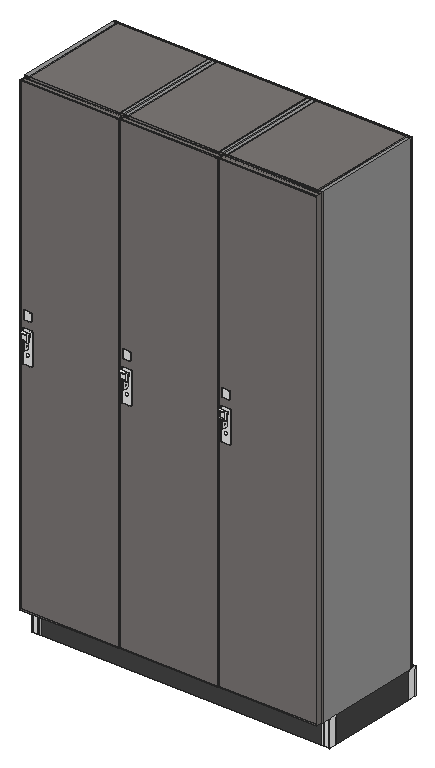
Revit family "Wood_Lockers_Hasps-Salsbury_Industries-15_41000_Series-3_Wide_Units.rfa", category Specialty Equipment, Revit 2016 (continued)
Definition of nested family "Premier Locker Doors_Hasp"
  Forms (in)
    Extrusion 6, solid, visible <- "Visible Number Plates", detail levels medium+fine
      sketch origin (-1.875, -0.375, 0) x (1, 0, 0) y (0, 0, 1)
        loop
          arc (-4.91334, 40.75) -> (-5.01881, 40.70631) -> (-5.0625, 40.60084) r 0.14916
          line (-5.0625, 40.60084) -> (-5.0625, 39.64916)
          arc (-5.0625, 39.64916) -> (-5.01881, 39.54369) -> (-4.91334, 39.5) r 0.14916
          line (-4.91334, 39.5) -> (-3.96166, 39.5)
          arc (-3.96166, 39.5) -> (-3.85619, 39.54369) -> (-3.8125, 39.64916) r 0.14916
          line (-3.8125, 39.64916) -> (-3.8125, 40.60084)
          arc (-3.8125, 40.60084) -> (-3.85619, 40.70631) -> (-3.96166, 40.75) r 0.14916
          line (-3.96166, 40.75) -> (-4.91334, 40.75)
      from -0.062 to 0
    Extrusion 7, solid, detail levels medium+fine
      sketch origin (0, 0.375, 0) x (1, 0, 0) y (0, 0, 1)
        loop
          circle (-6.9875, 71.3) r 0.25
      from 0 to -0.25
    Extrusion 8, solid, detail levels medium+fine
      sketch origin (0, 0.375, 0) x (1, 0, 0) y (0, 0, 1)
        loop
          line (6.8125, 68.5) -> (6.8125, 69) -> (6.3125, 69) -> (6.3125, 68.5) -> (6.8125, 68.5)
      from 0 to -0.25
    Extrusion 9, solid, detail levels medium+fine
      sketch origin (0, 0.375, -0.25) x (1, 0, 0) y (0, 0, 1)
        loop
          line (6.8125, 3) -> (6.8125, 3.5) -> (6.3125, 3.5) -> (6.3125, 3) -> (6.8125, 3)
      from 0 to -0.25
    Extrusion 10, solid, visible <- "Visible Center Hinge", detail levels medium+fine
      sketch origin (0, 0.375, -0.25) x (1, 0, 0) y (0, 0, 1)
        loop
          line (6.8125, 35.875) -> (6.8125, 36.375) -> (6.3125, 36.375) -> (6.3125, 35.875) -> (6.8125, 35.875)
      from 0 to -0.25
    Extrusion 11, void
      sketch origin (-1.875, -0.375, 0) x (1, 0, 0) y (0, 0, 1)
        loop
          arc (-5.0625, 38.3125) -> (-5.15089, 38.27589) -> (-5.1875, 38.1875) r 0.125
          line (-5.1875, 38.1875) -> (-5.1875, 33.5625)
          arc (-5.1875, 33.5625) -> (-5.15089, 33.47411) -> (-5.0625, 33.4375) r 0.125
          line (-5.0625, 33.4375) -> (-3.8125, 33.4375)
          arc (-3.8125, 33.4375) -> (-3.72411, 33.47411) -> (-3.6875, 33.5625) r 0.125
          line (-3.6875, 33.5625) -> (-3.6875, 38.1875)
          arc (-3.6875, 38.1875) -> (-3.72411, 38.27589) -> (-3.8125, 38.3125) r 0.125
          line (-3.8125, 38.3125) -> (-5.0625, 38.3125)
      from -0.062 to 0
    Extrusion 12, solid
      sketch origin (-1.875, -0.375, 0) x (1, 0, 0) y (0, 0, 1)
        loop
          line (-3.8125, 38.3125) -> (-5.0625, 38.3125)
          arc (-5.0625, 38.3125) -> (-5.15089, 38.27589) -> (-5.1875, 38.1875) r 0.125
          line (-5.1875, 38.1875) -> (-5.1875, 33.5625)
          arc (-5.1875, 33.5625) -> (-5.15089, 33.47411) -> (-5.0625, 33.4375) r 0.125
          line (-5.0625, 33.4375) -> (-3.8125, 33.4375)
          arc (-3.8125, 33.4375) -> (-3.72411, 33.47411) -> (-3.6875, 33.5625) r 0.125
          line (-3.6875, 33.5625) -> (-3.6875, 38.1875)
          arc (-3.6875, 38.1875) -> (-3.72411, 38.27589) -> (-3.8125, 38.3125) r 0.125
      from 0 to -0.062
    Extrusion 13, void
      sketch origin (-1.875, -0.375, 0) x (1, 0, 0) y (0, 0, 1)
        loop
          line (-4.6255, 36.6245) -> (-4.6255, 35.74816)
          arc (-4.6255, 35.74816) -> (-4.4375, 35.56016) -> (-4.2495, 35.74816) r 0.188
          line (-4.2495, 35.74816) -> (-4.2495, 36.6245)
          arc (-4.2495, 36.6245) -> (-4.4375, 36.8125) -> (-4.6255, 36.6245) r 0.188
      from 0 to -0.75
    Sweep 14, solid, detail levels medium+fine
      path origin (-1.875, -0.375, 0) x (1, 0, 0) y (0, 0, 1)
        loop
          circle (-4.4375, 34.8125) r 0.01
      profile origin (-6.3125, -0.375, 34.8225) x (0, 0, -1) y (0, -1, 0)
        loop
          line (0, 0) -> (0, 0.125)
          arc (0, 0.125) -> (-0.10032, 0.09036) -> (-0.156, 0) r 0.15776
          line (-0.156, 0) -> (0, 0)
    Extrusion 15, solid, detail levels medium+fine
      sketch origin (-1.875, -0.375, 0) x (1, 0, 0) y (0, 0, 1)
        loop
          circle (-4.4375, 34.8125) r 0.01
      from 0 to 0.125
    Sweep 16, solid
      path origin (-1.875, -0.375, 0) x (1, 0, 0) y (0, 0, 1)
        loop
          line (-5.0625, 38.1875) -> (-5.0625, 36.9375) -> (-3.8125, 36.9375) -> (-3.8125, 38.1875) -> (-5.0625, 38.1875)
      profile origin (-6.3125, -0.375, 38.1875) x (0, 0, 1) y (0, -1, 0)
        loop
          line (-0.38067, 0) -> (-0.38067, 0.24142)
          arc (-0.38067, 0.24142) -> (-0.34525, 0.34191) -> (-0.25465, 0.39797) r 0.16024
          arc (-0.25465, 0.39797) -> (-0.10494, 0.46941) -> (0, 0.59789) r 0.37946
          spline (0, 0.59789) -> (-0.00179, 0.61485) -> (-0.00715, 0.6316) -> (-0.01601, 0.64793) -> (-0.02825, 0.66364) -> (-0.04373, 0.67852) -> (-0.06225, 0.6924) -> (-0.08358, 0.7051) -> (-0.10745, 0.71647) -> (-0.13357, 0.72635) -> (-0.16161, 0.73463) -> (-0.19123, 0.74121) -> (-0.22204, 0.746)
          arc (-0.22204, 0.746) -> (-0.31051, 0.60028) -> (-0.42829, 0.47704) r 0.78682
          arc (-0.42829, 0.47704) -> (-0.50625, 0.37521) -> (-0.53396, 0.25) r 0.29673
          line (-0.53396, 0.25) -> (-0.53396, 0) -> (-0.38067, 0)
    Blend 17, solid
      base sketch origin (-1.875, -1.125, 0) x (0, 0, -1) y (-1, 0, 0)
        loop
          line (-37.96546, 4.84046) -> (-37.96546, 4.03454) -> (-37.15954, 4.03454) -> (-37.15954, 4.84046) -> (-37.96546, 4.84046)
      top sketch origin (-1.875, -1.125, 0) x (0, 0, -1) y (-1, 0, 0)
        loop
          line (-37.93279, 4.80777) -> (-37.93279, 4.06715) -> (-37.19211, 4.06715) -> (-37.19211, 4.80777) -> (-37.93279, 4.80777)
      from 0 to 0.031
    Extrusion 18, solid
      sketch origin (-6.3125, 0, 0) x (0, 0, -1) y (0, -1, 0)
        loop
          line (-35.6844, 1) -> (-36.6844, 1) -> (-36.6844, -0.375) -> (-35.6844, -0.375) -> (-35.6844, 1)
      from -0.063 to 0.063
    Extrusion 19, void
      sketch origin (-6.3125, 35.51803, 36.85077) x (0, 1, 0) y (0, 0, -1)
        loop
          circle (-36.1844, 0.66637) r 0.25
      from -0.063 to 0.063
  Cuts and joins
    Extrusion 5, Extrusion 13 cuts Extrusion 1
    Extrusion 5, Extrusion 11 cuts Extrusion 3
    Extrusion 13 cuts Extrusion 12
    Extrusion 13 cuts Extrusion 2
    Extrusion 19 cuts Extrusion 18
  Lines and regions (in)
    symbolic lines
      curve 1: line (-7.4375, 0.375, 0) -> (7.4375, 0.375, 0)
      curve 2: line (7.4375, 0.375, 0) -> (7.4375, 0.375, 71.75)
      curve 3: line (7.4375, 0.375, 71.75) -> (-7.4375, 0.375, 71.75)
      curve 4: line (-7.4375, 0.375, 71.75) -> (-7.4375, 0.375, 0)
      curve 5: line (-7.4375, 0.375, 71.625) -> (7.4375, 0.375, 71.625)
      curve 6: line (-7.4375, -0.375, 71.625) -> (-7.4375, 0.375, 71.625)
      curve 7: line (7.4375, -0.375, 71.625) -> (-7.4375, -0.375, 71.625)
      curve 8: line (7.4375, 0.375, 71.625) -> (7.4375, -0.375, 71.625)
      curve 9: line (6.8125, 0.375, 71.625) -> (6.8125, 0.625, 71.625)
      curve 10: line (6.8125, 0.625, 71.625) -> (6.3125, 0.625, 71.625)
      curve 11: line (6.3125, 0.625, 71.625) -> (6.3125, 0.375, 71.625)
      curve 12: line (-7.23713, 0.375, 71.625) -> (-7.23713, 0.625, 71.625)
      curve 13: line (-6.7375, 0.375, 71.625) -> (-6.7375, 0.625, 71.625)
      curve 14: line (-6.7375, 0.625, 71.625) -> (-7.23713, 0.625, 71.625)
      curve 15: line (-6.3125, -0.375, 71.75) -> (-6.3125, 0.375, 71.75)
      curve 16: line (-6.3125, -0.375, 0) -> (-6.3125, -0.375, 71.75)
      curve 17: line (-6.3125, 0.375, 0) -> (-6.3125, -0.375, 0)
      curve 18: line (-6.3125, 0.375, 71.75) -> (-6.3125, 0.375, 0)
      curve 19: line (-6.3125, 0.375, 69) -> (-6.3125, 0.625, 69)
      curve 20: line (-6.3125, 0.625, 69) -> (-6.3125, 0.625, 68.5)
      curve 21: line (-6.3125, 0.625, 68.5) -> (-6.3125, 0.375, 68.5)
      curve 22: line (-6.3125, 0.375, 3.25) -> (-6.3125, 0.625, 3.25)
      curve 23: line (-6.3125, 0.625, 3.25) -> (-6.3125, 0.625, 2.75)
      curve 24: line (-6.3125, 0.625, 2.75) -> (-6.3125, 0.375, 2.75)
      curve 25: line (-6.3125, 0.375, 36.125) -> (-6.3125, 0.625, 36.125)
      curve 26: line (-6.3125, 0.625, 36.125) -> (-6.3125, 0.625, 35.625)
      curve 27: line (-6.3125, 0.625, 35.625) -> (-6.3125, 0.375, 35.625)
      curve 28: line (-7.0625, -0.375, 71.625) -> (-5.5625, -0.375, 71.625)
      curve 29: line (-6.9375, -1.125, 38.3125) -> (-5.6875, -1.125, 38.3125)
      curve 30: arc (-5.5625, -1.125, 38.1875) -> (-5.59911, -1.125, 38.27589) -> (-5.6875, -1.125, 38.3125) r 0.125
      curve 31: arc (-6.9375, -1.125, 38.3125) -> (-7.02589, -1.125, 38.27589) -> (-7.0625, -1.125, 38.1875) r 0.125
      curve 32: line (-7.0625, -1.125, 33.5625) -> (-7.0625, -1.125, 38.1875)
      curve 33: line (-5.5625, -1.125, 38.1875) -> (-5.5625, -1.125, 33.5625)
      curve 34: arc (-5.6875, -1.125, 33.4375) -> (-5.59911, -1.125, 33.47411) -> (-5.5625, -1.125, 33.5625) r 0.125
      curve 35: arc (-7.0625, -1.125, 33.5625) -> (-7.02589, -1.125, 33.47411) -> (-6.9375, -1.125, 33.4375) r 0.125
      curve 36: line (-5.6875, -1.125, 33.4375) -> (-6.9375, -1.125, 33.4375)
      curve 37: arc (-6.1245, -1.125, 36.6245) -> (-6.3125, -1.125, 36.8125) -> (-6.5005, -1.125, 36.6245) r 0.188
      curve 38: arc (-6.5005, -1.125, 35.7505) -> (-6.3125, -1.125, 35.5625) -> (-6.1245, -1.125, 35.7505) r 0.188
      curve 39: line (-6.1245, -1.125, 36.6245) -> (-6.1245, -1.125, 35.7505)
      curve 40: line (-6.5005, -1.125, 35.7505) -> (-6.5005, -1.125, 36.6245)
      curve 41: line (-5.6875, -1.125, 36.9375) -> (-6.9375, -1.125, 36.9375)
      curve 42: line (-5.6875, -1.125, 38.1875) -> (-5.6875, -1.125, 36.9375)
      curve 43: line (-6.9375, -1.125, 36.9375) -> (-6.9375, -1.125, 38.1875)
      curve 44: line (-6.9375, -1.125, 38.1875) -> (-5.6875, -1.125, 38.1875)
      curve 45: line (-6.3755, -1.125, 36.6844) -> (-6.2495, -1.125, 36.6844)
      curve 46: line (-6.2495, -1.125, 36.6844) -> (-6.2495, -1.125, 35.6844)
      curve 47: line (-6.3755, -1.125, 35.6844) -> (-6.3755, -1.125, 36.6844)
      curve 48: line (-6.2495, -1.125, 35.6844) -> (-6.3755, -1.125, 35.6844)
      curve 49: line (-6.3125, -1, 36.6844) -> (-6.3125, -0.375, 36.6844)
      curve 50: line (-6.3125, -1, 35.6844) -> (-6.3125, -1, 36.6844)
      curve 51: line (-6.3125, -0.375, 35.6844) -> (-6.3125, -1, 35.6844)
      curve 52: arc (-6.3125, -0.91637, 36.1844) -> (-6.3125, -0.66637, 36.4344) -> (-6.3125, -0.41637, 36.1844) r 0.25
      curve 53: arc (-6.3125, -0.41637, 36.1844) -> (-6.3125, -0.66637, 35.9344) -> (-6.3125, -0.91637, 36.1844) r 0.25
      curve 54: line (-6.3125, -0.375, 37.31817) -> (-6.3125, -0.61642, 37.31817)
      curve 55: arc (-6.3125, -0.77297, 37.19215) -> (-6.3125, -0.71691, 37.28275) -> (-6.3125, -0.61642, 37.31817) r 0.16024
      curve 56: arc (-6.3125, -0.97289, 36.9375) -> (-6.3125, -0.84441, 37.04244) -> (-6.3125, -0.77297, 37.19215) r 0.37946
      curve 57: spline (-6.3125, -1.121, 37.15954) -> (-6.3125, -1.11621, 37.12873) -> (-6.3125, -1.10963, 37.09911) -> (-6.3125, -1.10135, 37.07107) -> (-6.3125, -1.09147, 37.04495) -> (-6.3125, -1.0801, 37.02108) -> (-6.3125, -1.0674, 36.99975) -> (-6.3125, -1.05352, 36.98123) -> (-6.3125, -1.03864, 36.96575) -> (-6.3125, -1.02293, 36.95351) -> (-6.3125, -1.0066, 36.94465) -> (-6.3125, -0.98985, 36.93929) -> (-6.3125, -0.97289, 36.9375)
      curve 58: line (-6.3125, -1.125, 37.15954) -> (-6.3125, -1.125, 37.96546)
      curve 59: spline (-6.3125, -1.121, 37.96546) -> (-6.3125, -1.11621, 37.99627) -> (-6.3125, -1.10963, 38.02589) -> (-6.3125, -1.10135, 38.05393) -> (-6.3125, -1.09147, 38.08005) -> (-6.3125, -1.0801, 38.10392) -> (-6.3125, -1.0674, 38.12525) -> (-6.3125, -1.05352, 38.14377) -> (-6.3125, -1.03864, 38.15925) -> (-6.3125, -1.02293, 38.17149) -> (-6.3125, -1.0066, 38.18035) -> (-6.3125, -0.98985, 38.18571) -> (-6.3125, -0.97289, 38.1875)
      curve 60: arc (-6.3125, -0.97289, 38.1875) -> (-6.3125, -0.84441, 38.08256) -> (-6.3125, -0.77297, 37.93285) r 0.37946
      curve 61: arc (-6.3125, -0.77297, 37.93285) -> (-6.3125, -0.71691, 37.84225) -> (-6.3125, -0.61642, 37.80683) r 0.16024
      curve 62: line (-6.3125, -0.61642, 37.80683) -> (-6.3125, -0.375, 37.80683)
      curve 63: line (-6.55683, -0.61642, 71.625) -> (-6.55683, -0.375, 71.625)
      curve 64: arc (-6.68285, -0.77297, 71.625) -> (-6.59225, -0.71691, 71.625) -> (-6.55683, -0.61642, 71.625) r 0.16024
      curve 65: arc (-6.9375, -0.97289, 71.625) -> (-6.83256, -0.84441, 71.625) -> (-6.68285, -0.77297, 71.625) r 0.37946
      curve 66: line (-5.90954, -1.125, 71.625) -> (-6.71546, -1.125, 71.625)
      curve 67: spline (-5.90954, -1.121, 71.625) -> (-5.87873, -1.11621, 71.625) -> (-5.84911, -1.10963, 71.625) -> (-5.82107, -1.10135, 71.625) -> (-5.79495, -1.09147, 71.625) -> (-5.77108, -1.0801, 71.625) -> (-5.74975, -1.0674, 71.625) -> (-5.73123, -1.05352, 71.625) -> (-5.71575, -1.03864, 71.625) -> (-5.70351, -1.02293, 71.625) -> (-5.69465, -1.0066, 71.625) -> (-5.68929, -0.98985, 71.625) -> (-5.6875, -0.97289, 71.625)
      curve 68: arc (-5.6875, -0.97289, 71.625) -> (-5.79244, -0.84441, 71.625) -> (-5.94215, -0.77297, 71.625) r 0.37946
      curve 69: arc (-5.94215, -0.77297, 71.625) -> (-6.03275, -0.71691, 71.625) -> (-6.06817, -0.61642, 71.625) r 0.16024
      curve 70: line (-6.06817, -0.375, 71.625) -> (-6.06817, -0.61642, 71.625)
      curve 71: spline (-6.71546, -1.121, 71.625) -> (-6.74627, -1.11621, 71.625) -> (-6.77589, -1.10963, 71.625) -> (-6.80393, -1.10135, 71.625) -> (-6.83005, -1.09147, 71.625) -> (-6.85392, -1.0801, 71.625) -> (-6.87525, -1.0674, 71.625) -> (-6.89377, -1.05352, 71.625) -> (-6.90925, -1.03864, 71.625) -> (-6.92149, -1.02293, 71.625) -> (-6.93035, -1.0066, 71.625) -> (-6.93571, -0.98985, 71.625) -> (-6.9375, -0.97289, 71.625)
    reference lines
      curve 72: line (-7.4375, 0, 71.75) -> (6.8435, 0, 71.75)
      curve 73: line (6.8435, 0, 71.75) -> (-7.4375, 0, 71.75)
  Dimensions and locks (in)
    equal spacing: plane 4 "Left Side of Door", plane 3 "Center (Left/Right)", plane 5 "Right Side of Door"
    "Width": plane 4 "Left Side of Door" to plane 5 "Right Side of Door"
    equal spacing: plane 7 "Front of Door", plane 1 "Center (Front/Back)", plane 6 "Back of Door"
    "Depth": plane 7 "Front of Door" to plane 6 "Back of Door"
    equal spacing: plane 9 "Top of Door", plane 10 "Center of Door", plane 8 "Bottom of Door"
    "Height": plane 9 "Top of Door" to plane 8 "Bottom of Door"
    equal spacing: plane 11 "Top of Number Tag", plane 16 "Center of Number Tag", plane 12 "Bottom of Number Tag"
    "Number Tag Height": plane 11 "Top of Number Tag" to plane 12 "Bottom of Number Tag"
    equal spacing: plane 14 "Right Side of Number Tag", plane 15 "Horizontal Center of Number Tag", plane 13 "Left Side of Number Tag"
    "Number Tag Width": plane 14 "Right Side of Number Tag" to plane 13 "Left Side of Number Tag"
    "Number Tag-Horizontal Offset": plane 15 "Horizontal Center of Number Tag" to plane 5 "Right Side of Door"
    "Number Tag-Vertical Offset": plane 9 "Top of Door" to plane 16 "Center of Number Tag"
    "Lock Horizontal Offset": plane 4 "Left Side of Door" to plane 17 "Left Side of Lock"
    equal spacing: plane 20 "Top of Lock", plane 19 "Lock Vertical Center", plane 21 "Bottom of Lock"
    "Lock Height": plane 20 "Top of Lock" to plane 21 "Bottom of Lock"
    "Lock Vertical Offset": plane 9 "Top of Door" to plane 19 "Lock Vertical Center"
    plane 22 "Front of Hasp Stud" to plane 7 "Front of Door" = 0.125"
    locked: plane 24 "Right Side of Door-Left Side of Trim" to plane 5 "Right Side of Door" at 0.125
    locked: plane 4 "Left Side of Door" to plane 23 "Left Side of Door-Right Side of Trim" at 0.125
    locked: plane 9 "Top of Door" to plane 25 "Top of Door-Bottom of Trim" at 0.125
    plane 26 "Bottom of Door-Top of Trim" to plane 8 "Bottom of Door" = 0.125"
    plane 28 "Melamine-Particleboard Line" to plane 6 "Back of Door" = 0.031"
    plane 7 "Front of Door" to plane 27 "Laminate-Particleboard Line" = 0.031"
    plane 27 "Laminate-Particleboard Line" to plane 29 "Back of Number Plate Inset" = 0.031"
    equal spacing: plane 18 "Right Side of Lock", plane 30 "Center of Lock", plane 17 "Left Side of Lock", locked at 0.75 each
    "Lock Width": plane 18 "Right Side of Lock" to plane 17 "Left Side of Lock"
    plane 22 "Front of Hasp Stud" to plane 31 = 0.312"
    plane 6 "Back of Door" to plane 32 "Door Stopper Plane" = 0.250"
    locked: plane 23 "Left Side of Door-Right Side of Trim" to plane 33 at 0.325
    locked: plane 25 "Top of Door-Bottom of Trim" to plane 34 at 0.325
    locked: plane 9 "Top of Door" to plane 35 "Top Hinge" at 3
    plane 36 to plane 5 "Right Side of Door" = 0.625"
    plane 6 "Back of Door" to plane 28 "Melamine-Particleboard Line" = 0.031"
    plane 9 "Top of Door" to plane 25 "Top of Door-Bottom of Trim" = 0.125"
    plane 7 "Front of Door" to plane 38 "Inner Knob" = 0.719"
    locked: plane 38 "Inner Knob" to plane 39 "Front of Knob" at 0.031
    locked: plane 40 to plane 20 "Top of Lock" at 1.125
    locked: plane 21 "Bottom of Lock" to plane 41 at 1.125
    locked: plane 20 "Top of Lock" to plane 42 at 0.125
    locked: plane 18 "Right Side of Lock" to plane 43 at 0.125
    locked: plane 44 to plane 17 "Left Side of Lock" at 0.125
    plane 42 to plane 45 = 1.250"
    locked: plane 45 to plane 46 "Top of Hole" at 0.125
    plane 48 to plane 30 "Center of Lock" to plane 47 = 0.188" locked, 0.188" locked
    locked: plane 46 "Top of Hole" to plane 49 "Bottom of Hole" at 1.25
    plane 49 "Bottom of Hole" to plane 50 "Stud Alignment" = 0.750"
    locked: plane 42 to plane 51 "Center of Handle" at 0.625
    plane 52 to plane 51 "Center of Handle" to plane 53 = 0.188" locked, 0.188" locked
    plane 7 "Front of Door" to plane 39 "Front of Knob" = 0.750"
    locked: plane 42 to plane 54 at 0.22204
    locked: plane 55 to plane 45 at 0.22204
    locked: plane 7 "Front of Door" to plane 56 "Front of Latch" at 0.625
    locked: plane 57 to plane 58 at 1
    locked: plane 46 "Top of Hole" to plane 57 at 0.1281
    equal spacing: plane 58, plane 59, plane 57
    locked: plane 60 to plane 5 "Right Side of Door" at 0.594
    locked: plane 57 to plane 61 at 0.0599
    locked: plane 62 to plane 58 at 0.06376
    plane 12 "Bottom of Number Tag" to plane 20 "Top of Lock" = 1.1875"
    aligned and locked: level to plane 2
    aligned and locked: Extrusion 5 to plane 11 "Top of Number Tag"
    aligned and locked: plane 12 "Bottom of Number Tag" to Extrusion 5
    aligned and locked: Extrusion 5 to plane 14 "Right Side of Number Tag"
    aligned and locked: Extrusion 5 to plane 13 "Left Side of Number Tag"
    aligned and locked: plane 29 "Back of Number Plate Inset" to Extrusion 5
    aligned and locked: plane 7 "Front of Door" to Extrusion 5
    aligned and locked: plane 29 "Back of Number Plate Inset" to Extrusion 6
    aligned and locked: plane 7 "Front of Door" to Extrusion 6
    aligned and locked: Extrusion 6 to plane 14 "Right Side of Number Tag"
    aligned and locked: Extrusion 6 to plane 13 "Left Side of Number Tag"
    aligned and locked: Extrusion 6 to plane 11 "Top of Number Tag"
    aligned and locked: plane 12 "Bottom of Number Tag" to Extrusion 6
    aligned and locked: curve 9 to Extrusion 8
    aligned and locked: curve 10 to Extrusion 8
    aligned and locked: curve 11 to Extrusion 8
    aligned and locked: Extrusion 7 to curve 12
    aligned and locked: curve 14 to Extrusion 7
    aligned and locked: curve 16 to plane 7 "Front of Door"
    aligned and locked: curve 19 to Extrusion 8  (x2)
    aligned and locked: curve 21 to Extrusion 8
    aligned and locked: curve 18 to curve 22
    aligned and locked: curve 22 to Extrusion 9  (x2)
    aligned and locked: curve 24 to Extrusion 9
    aligned and locked: curve 25 to Extrusion 10
    aligned and locked: curve 26 to Extrusion 10
    aligned and locked: curve 27 to Extrusion 10
    aligned and locked: plane 20 "Top of Lock" to Extrusion 11 sketch curve
    aligned and locked: Extrusion 11 sketch curve to plane 21 "Bottom of Lock"
    aligned and locked: Extrusion 11 to plane 29 "Back of Number Plate Inset"
    aligned and locked: plane 7 "Front of Door" to Extrusion 11
    aligned and locked: Extrusion 3 to Extrusion 11
    aligned and locked: Sweep 14 to plane 50 "Stud Alignment"  (x2)
    aligned and locked: Extrusion 15 to plane 7 "Front of Door"
    aligned and locked: Extrusion 15 to plane 22 "Front of Hasp Stud"
    aligned and locked: Extrusion 15 to plane 50 "Stud Alignment"
    aligned and locked: Blend 17 to plane 39 "Front of Knob"
    aligned and locked: plane 38 "Inner Knob" to Blend 17
    aligned and locked: plane 6 "Back of Door" to Extrusion 18 sketch curve
    aligned and locked: plane 56 "Front of Latch" to Extrusion 18 sketch curve
    aligned and locked: Extrusion 18 to plane 57
    aligned and locked: plane 58 to Extrusion 18
    aligned and locked: plane 59 to cut or joined group of Extrusion 18, Extrusion 19
    aligned and locked: Extrusion 13 sketch curve to plane 61  (x2)
    aligned and locked: Extrusion 13 sketch curve to plane 62  (x2)
  Automatic sketch dimensions
    Extrusion 1 sketch curve to plane 4 "Left Side of Door" = 0.031"
    plane 5 "Right Side of Door" to Extrusion 1 sketch curve = 0.031"
    level to Extrusion 1 sketch curve = 0.031"
    plane 9 "Top of Door" to Extrusion 1 sketch curve = 0.031"
    Extrusion 2 sketch curve to plane 4 "Left Side of Door" = 0.031"
    plane 5 "Right Side of Door" to Extrusion 2 sketch curve = 0.031"
    level to Extrusion 2 sketch curve = 0.031"
    plane 9 "Top of Door" to Extrusion 2 sketch curve = 0.031"
    Extrusion 3 sketch curve to plane 4 "Left Side of Door" = 0.031"
    plane 5 "Right Side of Door" to Extrusion 3 sketch curve = 0.031"
    level to Extrusion 3 sketch curve = 0.031"
    plane 9 "Top of Door" to Extrusion 3 sketch curve = 0.031"
    plane 23 "Left Side of Door-Right Side of Trim" to Sweep 4 sketch curve = 0.000"
    plane 24 "Right Side of Door-Left Side of Trim" to Sweep 4 sketch curve = 0.000"  (x2)
    Sweep 4 sketch curve to plane 26 "Bottom of Door-Top of Trim" = 0.000"
    Sweep 4 sketch curve to plane 25 "Top of Door-Bottom of Trim" = 0.000"
    profile plane to Sweep 4 sketch curve = 0.125"
    Sweep 4 sketch curve to Sweep 4 sketch curve = 0.031"
    Sweep 4 sketch curve to plane 1 "Center (Front/Back)" = 0.375"
    plane 1 "Center (Front/Back)" to Sweep 4 sketch curve = 0.375"
    Extrusion 7 sketch curve to plane 33 = 0.000"
    Extrusion 7 sketch curve to plane 34 = 0.000"
    plane 36 to Extrusion 8 sketch curve = 0.000"
    Extrusion 8 sketch curve to Extrusion 8 sketch curve = 0.500"
    plane 35 "Top Hinge" to Extrusion 8 sketch curve = 0.250"
    Extrusion 8 sketch curve to plane 35 "Top Hinge" = 0.250"
    plane 36 to Extrusion 9 sketch curve = 0.000"
    Extrusion 9 sketch curve to Extrusion 9 sketch curve = 0.500"
    plane 37 "Bottom Hinge" to Extrusion 9 sketch curve = 0.250"
    Extrusion 9 sketch curve to plane 37 "Bottom Hinge" = 0.250"
    plane 36 to Extrusion 10 sketch curve = 0.000"
    Extrusion 10 sketch curve to Extrusion 10 sketch curve = 0.500"
    curve 4 to level = 0.000"
    plane 4 "Left Side of Door" to curve 4 = 0.000"
    plane 5 "Right Side of Door" to curve 3 = 0.000"
    curve 3 to plane 9 "Top of Door" = 0.000"
    Extrusion 5 sketch curve to plane 13 "Left Side of Number Tag" = 0.000"
    Extrusion 5 sketch curve to plane 12 "Bottom of Number Tag" = 0.000"
    Extrusion 5 sketch curve to plane 11 "Top of Number Tag" = 0.000"
    Extrusion 5 sketch curve to plane 14 "Right Side of Number Tag" = 0.000"
    Extrusion 6 sketch curve to plane 13 "Left Side of Number Tag" = 0.000"
    Extrusion 6 sketch curve to plane 12 "Bottom of Number Tag" = 0.000"
    Extrusion 6 sketch curve to plane 11 "Top of Number Tag" = 0.000"
    Extrusion 6 sketch curve to plane 14 "Right Side of Number Tag" = 0.000"
    Extrusion 11 sketch curve to plane 13 "Left Side of Number Tag" = 0.125"
    Extrusion 10 sketch curve to plane 10 "Center of Door" = 0.250"
    plane 10 "Center of Door" to Extrusion 10 sketch curve = 0.250"
    Extrusion 11 sketch curve to plane 21 "Bottom of Lock" = 0.125"
    plane 13 "Left Side of Number Tag" to Extrusion 5 sketch curve = 0.14916"
    Extrusion 5 sketch curve to Extrusion 5 sketch curve = 0.14916"  (x2)
    plane 13 "Left Side of Number Tag" to Extrusion 6 sketch curve = 0.14916"
    Extrusion 6 sketch curve to plane 12 "Bottom of Number Tag" = 0.14916"
    plane 13 "Left Side of Number Tag" to Extrusion 11 sketch curve = 0.000"  (x2)
    Extrusion 5 sketch curve to plane 12 "Bottom of Number Tag" = 0.14916"
    Extrusion 6 sketch curve to plane 14 "Right Side of Number Tag" = 0.14916"  (x2)
    plane 14 "Right Side of Number Tag" to Extrusion 11 sketch curve = 0.000"  (x2)
    Extrusion 12 sketch curve to plane 17 "Left Side of Lock" = 0.000"
    plane 13 "Left Side of Number Tag" to Extrusion 12 sketch curve = 0.000"  (x2)
    plane 14 "Right Side of Number Tag" to Extrusion 12 sketch curve = 0.000"  (x2)
    Extrusion 12 sketch curve to plane 20 "Top of Lock" = 0.000"
    Extrusion 12 sketch curve to plane 18 "Right Side of Lock" = 0.000"
    Extrusion 12 sketch curve to plane 21 "Bottom of Lock" = 0.125"
    plane 15 "Horizontal Center of Number Tag" to Sweep 14 sketch curve = 0.000"
    Sweep 14 sketch curve to plane 50 "Stud Alignment" = 0.000"
    Sweep 14 sketch curve to plane 7 "Front of Door" = 0.000"
    Sweep 14 sketch curve to profile plane = 0.000"
    profile plane to Sweep 14 sketch curve = 0.00168"
    profile plane to Sweep 14 sketch curve = 0.156"
    Sweep 14 sketch curve to plane 7 "Front of Door" = 0.03275"
    Extrusion 15 sketch curve to Extrusion 15 sketch curve = 0.000"  (x2)
    Extrusion 15 sketch curve to plane 50 "Stud Alignment" = 0.000"
    plane 15 "Horizontal Center of Number Tag" to Extrusion 15 sketch curve = 0.000"
    plane 15 "Horizontal Center of Number Tag" to Extrusion 15 sketch curve = 0.010"
    plane 13 "Left Side of Number Tag" to Sweep 16 sketch curve = 0.000"
    plane 14 "Right Side of Number Tag" to Sweep 16 sketch curve = 0.000"
    Sweep 16 sketch curve to plane 45 = 0.000"
    Sweep 16 sketch curve to plane 42 = 0.000"
    Sweep 16 sketch curve to plane 7 "Front of Door" = 0.000"
    profile plane to Sweep 16 sketch curve = 0.000"
    profile plane to Sweep 16 sketch curve = 0.22043"
    Sweep 16 sketch curve to Sweep 16 sketch curve = 0.01681"
    profile plane to Sweep 16 sketch curve = 0.33926"
    Sweep 16 sketch curve to Sweep 16 sketch curve = 0.14344"
    Sweep 16 sketch curve to Sweep 16 sketch curve = 0.15329"
    Sweep 16 sketch curve to Sweep 16 sketch curve = 0.59563"
    Sweep 16 sketch curve to Sweep 16 sketch curve = 0.24142"
    Sweep 16 sketch curve to Sweep 16 sketch curve = 0.00858"
    Sweep 16 sketch curve to Sweep 16 sketch curve = 0.51788"
    Sweep 16 sketch curve to Sweep 16 sketch curve = 0.31119"
    Sweep 16 sketch curve to Sweep 16 sketch curve = 0.11721"
    Sweep 16 sketch curve to Sweep 16 sketch curve = 0.01742"
    Sweep 16 sketch curve to Sweep 16 sketch curve = 0.06553"
    Sweep 16 sketch curve to Sweep 16 sketch curve = 0.000"
    Blend 17 sketch curve to plane 54 = 0.000"
    Blend 17 sketch curve to plane 55 = 0.000"
    Blend 17 sketch curve to plane 47 = 0.21496"
    plane 48 to Blend 17 sketch curve = 0.21496"
    plane 54 to Blend 17 sketch curve = 0.03267"
    Blend 17 sketch curve to plane 40 = 0.00461"
    Blend 17 sketch curve to plane 47 = 0.18235"
    plane 48 to Blend 17 sketch curve = 0.18227"
    Extrusion 18 sketch curve to plane 57 = 0.000"
    Extrusion 18 sketch curve to plane 58 = 0.000"
    plane 59 to Extrusion 19 sketch curve = 0.000"
    Extrusion 19 sketch curve to plane 22 "Front of Hasp Stud" = 0.16637"
    curve 29 to plane 14 "Right Side of Number Tag" = 0.000"
    curve 29 to plane 20 "Top of Lock" = 0.000"
    curve 30 to plane 18 "Right Side of Lock" = 0.000"
    curve 29 to plane 13 "Left Side of Number Tag" = 0.000"
    curve 31 to plane 42 = 0.000"
    curve 32 to plane 21 "Bottom of Lock" = 0.125"
    curve 34 to plane 14 "Right Side of Number Tag" = 0.000"
    curve 35 to plane 13 "Left Side of Number Tag" = 0.000"
    plane 15 "Horizontal Center of Number Tag" to curve 37 = 0.000"
    plane 47 to curve 37 = 0.000"
    plane 57 to curve 37 = 0.0599"
    curve 39 to plane 58 = 0.0661"
    curve 42 to plane 14 "Right Side of Number Tag" = 0.000"
    curve 41 to plane 13 "Left Side of Number Tag" = 0.000"
    curve 41 to plane 45 = 0.000"
    curve 43 to plane 42 = 0.000"
    curve 46 to plane 57 = 0.000"
    curve 46 to plane 15 "Horizontal Center of Number Tag" = 0.063"
    plane 15 "Horizontal Center of Number Tag" to curve 45 = 0.063"
    curve 47 to plane 58 = 0.000"
    curve 15 to plane 6 "Back of Door" = 0.000"
    plane 9 "Top of Door" to curve 15 = 0.000"
    plane 57 to curve 49 = 0.000"
    curve 51 to plane 56 "Front of Latch" = 0.000"
    plane 58 to curve 51 = 0.000"
    curve 17 to level = 0.000"
    plane 59 to curve 52 = 0.000"
    curve 53 to plane 22 "Front of Hasp Stud" = 0.16637"
    plane 7 "Front of Door" to curve 53 = 0.04137"
    plane 53 to curve 54 = 0.05633"
    curve 54 to plane 22 "Front of Hasp Stud" = 0.11642"
    plane 55 to curve 55 = 0.00161"
    curve 55 to plane 40 = 0.00465"
    plane 45 to curve 56 = 0.000"
    curve 56 to plane 39 "Front of Knob" = 0.01788"
    curve 56 to plane 40 = 0.08926"
    plane 55 to curve 57 = 0.000"
    curve 57 to plane 40 = 0.03757"
    plane 39 "Front of Knob" to curve 57 = 0.004"
    plane 42 to curve 60 = 0.000"
    curve 58 to plane 39 "Front of Knob" = 0.000"
    plane 54 to curve 58 = 0.000"
    plane 54 to curve 59 = 0.000"
    plane 55 to curve 58 = 0.000"
    curve 60 to plane 39 "Front of Knob" = 0.01788"
    curve 60 to plane 52 = 0.09774"
    plane 54 to curve 60 = 0.03261"
    plane 56 "Front of Latch" to curve 59 = 0.02711"
    plane 54 to curve 59 = 0.06553"
    plane 39 "Front of Knob" to curve 59 = 0.004"
    curve 61 to plane 54 = 0.00161"
    curve 61 to plane 22 "Front of Hasp Stud" = 0.11642"
    plane 6 "Back of Door" to curve 9 = 0.000"
    curve 6 to plane 4 "Left Side of Door" = 0.000"
    plane 7 "Front of Door" to curve 6 = 0.000"
    plane 7 "Front of Door" to curve 28 = 0.000"
    curve 67 to plane 14 "Right Side of Number Tag" = 0.000"
    curve 65 to plane 13 "Left Side of Number Tag" = 0.000"
    curve 66 to plane 39 "Front of Knob" = 0.000"
    curve 28 to plane 17 "Left Side of Lock" = 0.000"
    curve 28 to plane 18 "Right Side of Lock" = 0.000"
    curve 8 to plane 5 "Right Side of Door" = 0.000"
    curve 64 to plane 22 "Front of Hasp Stud" = 0.11642"
    curve 69 to plane 22 "Front of Hasp Stud" = 0.11642"
    curve 68 to plane 39 "Front of Knob" = 0.01788"
    curve 65 to plane 39 "Front of Knob" = 0.01788"
    curve 14 to plane 23 "Left Side of Door-Right Side of Trim" = 0.07537"
    plane 48 to curve 64 = 0.21657"
    plane 48 to curve 65 = 0.09774"
    plane 48 to curve 63 = 0.05633"
    curve 70 to plane 47 = 0.05633"
    curve 68 to plane 47 = 0.09774"
    curve 69 to curve 69 = 0.16024"
    curve 64 to curve 65 = 0.15655"
    curve 69 to curve 68 = 0.15655"
    plane 39 "Front of Knob" to curve 67 = 0.004"
    plane 33 to curve 14 = 0.250"
    curve 66 to curve 65 = 0.11721"
    curve 67 to plane 47 = 0.14943"
    curve 68 to curve 66 = 0.11721"
    curve 67 to curve 66 = 0.000"
    plane 39 "Front of Knob" to curve 71 = 0.004"
    curve 71 to curve 66 = 0.000"
    plane 48 to curve 71 = 0.14943"
    plane 1 "Center (Front/Back)" to curve 73 = 0.000"
    curve 73 to plane 4 "Left Side of Door" = 0.000"
    curve 73 to plane 60 = 0.000"
    plane 48 to Extrusion 13 sketch curve = 0.000"
    plane 15 "Horizontal Center of Number Tag" to Extrusion 13 sketch curve = 0.000"
    radius of Extrusion 7 sketch curve = 0.250"
    radius of Sweep 14 sketch curve = 0.010"
    radius of Extrusion 19 sketch curve = 0.250"
Definition of nested family "Wood Locker Bases"
  Parameters (values of type "Base - 12" W x 15" D Lockers")
    Width = 12.000"
    Visible Base = yes
    Visible = no
    Model = "Base - 12\" W x 15\" D Lockers"
    Manufacturer = "Salsbury Industries"
    Height = 4.000"
    Depth = 13.250"
    Base Secondary Material = none
    Base Primary Materials = none
    Base Hardware = none
  Types (14): name | Width | Visible Base | Visible | Model | Depth
    (no name) | 12.000" | yes | no | "Base - 12\" W x 15\" D Lockers" | 13.250"
    Base - 12" W x 15" D Lockers | 12.000" | yes | no | "Base - 12\" W x 15\" D Lockers" | 13.250"
    Base - 12" W x 18" D Lockers | 12.000" | yes | no | "Base - 12\" W x 18\" D Lockers" | 16.250"
    Base - 12" W x 21" D Lockers | 12.000" | yes | no | "Base - 12\" W x 21\" D Lockers" | 19.250"
    Base - 36" W x 15" D Lockers | 36.000" | yes | yes | "Base - 36\" W x 15\" D Lockers" | 13.250"
    Base - 36" W x 18" D Lockers | 36.000" | yes | yes | "Base - 36\" W x 18\" D Lockers" | 16.250"
    Base - 36" W x 21" D Lockers | 36.000" | yes | yes | "Base - 36\" W x 21\" D Lockers" | 19.250"
    Base - 15" W x 18" D Lockers | 15.000" | yes | no | "Base - 15\" W x 18\" D Lockers" | 16.250"
    Base - 15" W x 21" D Lockers | 15.000" | yes | no | "Base - 15\" W x 21\" D Lockers" | 19.250"
    Base - 15" W x 24" D Lockers | 15.000" | yes | no | "Base - 15\" W x 24\" D Lockers" | 22.250"
    Base - 45" W x 18" D Lockers | 45.000" | yes | yes | "Base - 45\" W x 18\" D Lockers" | 16.250"
    Base - 45" W x 21" D Lockers | 45.000" | yes | yes | "Base - 45\" W x 21\" D Lockers" | 19.250"
    Base - 45" W x 24" D Lockers | 45.000" | yes | yes | "Base - 45\" W x 24\" D Lockers" | 22.250"
    None | 12.000" | no | no | "Base - 12\" W x 15\" D Lockers" | 13.250"
  Reference planes (in)
    plane 1 "Center (Front/Back)": y = 0
    plane 2: z = 0
    plane 3 "Center (Left/Right)": x = 0
    plane 4 "Left Edge": x = -6
    plane 5 "Right Edge": x = 6
    plane 6 "Back Edge": y = 6.625
    plane 7 "Front Edge": y = -6.625
    plane 8 "Bottom Edge": z = 0
    plane 9 "Top Edge": z = 4
    plane 10: x = -4.75
    plane 11: x = -4.102
    plane 12: y = 6.562
    plane 13: y = 5.8
    plane 14: x = -5.131
    plane 15: x = -5.256
    plane 16: x = -5.937
    plane 17: x = -5.175
    plane 18: y = 4.727
    plane 19: y = 5.375
    plane 20: y = 5.756
    plane 21: y = 5.881
    plane 22: x = -5.931
    plane 23: x = 5.931
    plane 24: y = 6.556
    plane 25: y = -6.556
    plane 26: y = 6.525
    plane 27: y = -6.525
    plane 28: x = -5.9
    plane 29: x = 5.9
    plane 30: x = -2.375
    plane 31: x = 2.375
  Forms (in)
    Extrusion 1, solid, material <- "Base Hardware", visible <- "Visible Base"
      sketch origin (0, 0, 0) x (1, 0, 0) y (0, 1, 0)
        loop
          arc (-5.96712, 6.625) -> (-5.99098, 6.61598) -> (-6, 6.59212) r 0.031
          line (-6, 6.59212) -> (-6, 5.4065)
          arc (-6, 5.4065) -> (-5.9685, 5.375) -> (-5.937, 5.4065) r 0.0315
          line (-5.937, 5.4065) -> (-5.937, 5.756) -> (-5.837, 5.756) -> (-5.837, 5.819) -> (-5.937, 5.819) -> (-5.937, 6.51465) -> (-5.256, 5.83365) -> (-5.256, 5.756) -> (-5.175, 5.756) -> (-5.175, 4.75833)
          arc (-5.175, 4.75833) -> (-5.14367, 4.727) -> (-5.11235, 4.75833) r 0.03133
          line (-5.11235, 4.75833) -> (-5.11235, 5.73703) -> (-4.13348, 5.73703)
          arc (-4.13348, 5.73703) -> (-4.102, 5.76852) -> (-4.13348, 5.8) r 0.03148
          line (-4.13348, 5.8) -> (-5.131, 5.8) -> (-5.131, 5.881) -> (-5.21422, 5.881) -> (-5.89522, 6.562) -> (-5.194, 6.562) -> (-5.194, 6.462) -> (-5.131, 6.462) -> (-5.131, 6.562) -> (-4.7814, 6.562)
          arc (-4.7814, 6.562) -> (-4.7499, 6.5935) -> (-4.7814, 6.625) r 0.0315
          line (-4.7814, 6.625) -> (-5.96712, 6.625)
      from 0 to 4
    Extrusion 2, solid, material <- "Base Hardware", visible <- "Visible Base"
      sketch origin (0, 0, 0) x (-1, 0, 0) y (0, -1, 0)
        loop
          line (-5.96712, -6.625) -> (-4.7814, -6.625)
          arc (-4.7814, -6.625) -> (-4.7499, -6.5935) -> (-4.7814, -6.562) r 0.0315
          line (-4.7814, -6.562) -> (-5.131, -6.562) -> (-5.131, -6.462) -> (-5.194, -6.462) -> (-5.194, -6.562) -> (-5.89522, -6.562) -> (-5.21422, -5.881) -> (-5.131, -5.881) -> (-5.131, -5.8) -> (-4.13348, -5.8)
          arc (-4.13348, -5.8) -> (-4.102, -5.76852) -> (-4.13348, -5.73703) r 0.03148
          line (-4.13348, -5.73703) -> (-5.11235, -5.73703) -> (-5.11235, -4.75833)
          arc (-5.11235, -4.75833) -> (-5.14367, -4.727) -> (-5.175, -4.75833) r 0.03133
          line (-5.175, -4.75833) -> (-5.175, -5.756) -> (-5.256, -5.756) -> (-5.256, -5.83365) -> (-5.937, -6.51465) -> (-5.937, -5.819) -> (-5.837, -5.819) -> (-5.837, -5.756) -> (-5.937, -5.756) -> (-5.937, -5.4065)
          arc (-5.937, -5.4065) -> (-5.9685, -5.375) -> (-6, -5.4065) r 0.0315
          line (-6, -5.4065) -> (-6, -6.59212)
          arc (-6, -6.59212) -> (-5.99098, -6.61598) -> (-5.96712, -6.625) r 0.031
      from 0 to 4
    Extrusion 3, solid, material <- "Base Hardware", visible <- "Visible Base"
      sketch origin (0, 0, 0) x (1, 0, 0) y (0, 1, 0)
        loop
          line (-5.96712, -6.625) -> (-4.7814, -6.625)
          arc (-4.7814, -6.625) -> (-4.7499, -6.5935) -> (-4.7814, -6.562) r 0.0315
          line (-4.7814, -6.562) -> (-5.131, -6.562) -> (-5.131, -6.462) -> (-5.194, -6.462) -> (-5.194, -6.562) -> (-5.89522, -6.562) -> (-5.21422, -5.881) -> (-5.131, -5.881) -> (-5.131, -5.8) -> (-4.13348, -5.8)
          arc (-4.13348, -5.8) -> (-4.102, -5.76852) -> (-4.13348, -5.73703) r 0.03148
          line (-4.13348, -5.73703) -> (-5.11235, -5.73703) -> (-5.11235, -4.75833)
          arc (-5.11235, -4.75833) -> (-5.14367, -4.727) -> (-5.175, -4.75833) r 0.03133
          line (-5.175, -4.75833) -> (-5.175, -5.756) -> (-5.256, -5.756) -> (-5.256, -5.83365) -> (-5.937, -6.51465) -> (-5.937, -5.819) -> (-5.837, -5.819) -> (-5.837, -5.756) -> (-5.937, -5.756) -> (-5.937, -5.4065)
          arc (-5.937, -5.4065) -> (-5.9685, -5.375) -> (-6, -5.4065) r 0.0315
          line (-6, -5.4065) -> (-6, -6.59212)
          arc (-6, -6.59212) -> (-5.99098, -6.61598) -> (-5.96712, -6.625) r 0.031
      from 0 to 4
    Extrusion 4, solid, material <- "Base Hardware", visible <- "Visible Base"
      sketch origin (0, 0, 0) x (-1, 0, 0) y (0, -1, 0)
        loop
          arc (-5.96712, 6.625) -> (-5.99098, 6.61598) -> (-6, 6.59212) r 0.031
          line (-6, 6.59212) -> (-6, 5.4065)
          arc (-6, 5.4065) -> (-5.9685, 5.375) -> (-5.937, 5.4065) r 0.0315
          line (-5.937, 5.4065) -> (-5.937, 5.756) -> (-5.837, 5.756) -> (-5.837, 5.819) -> (-5.937, 5.819) -> (-5.937, 6.51465) -> (-5.256, 5.83365) -> (-5.256, 5.756) -> (-5.175, 5.756) -> (-5.175, 4.75833)
          arc (-5.175, 4.75833) -> (-5.14367, 4.727) -> (-5.11235, 4.75833) r 0.03133
          line (-5.11235, 4.75833) -> (-5.11235, 5.73703) -> (-4.13348, 5.73703)
          arc (-4.13348, 5.73703) -> (-4.102, 5.76852) -> (-4.13348, 5.8) r 0.03148
          line (-4.13348, 5.8) -> (-5.131, 5.8) -> (-5.131, 5.881) -> (-5.21422, 5.881) -> (-5.89522, 6.562) -> (-5.194, 6.562) -> (-5.194, 6.462) -> (-5.131, 6.462) -> (-5.131, 6.562) -> (-4.7814, 6.562)
          arc (-4.7814, 6.562) -> (-4.7499, 6.5935) -> (-4.7814, 6.625) r 0.0315
          line (-4.7814, 6.625) -> (-5.96712, 6.625)
      from 0 to 4
    Extrusion 5, solid, material <- "Base Secondary Material", visible <- "Visible Base"
      sketch origin (0, 0, 0) x (0, -1, 0) y (1, 0, 0)
        loop
          line (-5.756, 5.9) -> (-5.756, 5.181) -> (5.75697, 5.181) -> (5.75697, 5.9) -> (-5.756, 5.9)
      from 0 to 4
    Extrusion 6, solid, material <- "Base Secondary Material", visible <- "Visible Base"
      sketch origin (0, 0, 0) x (0, -1, 0) y (1, 0, 0)
        loop
          line (-5.756, -5.9) -> (5.75697, -5.9) -> (5.75697, -5.181) -> (-5.756, -5.181) -> (-5.756, -5.9)
      from 0 to 4
    Extrusion 7, solid, material <- "Base Secondary Material", visible <- "Visible Base"
      sketch origin (-2.05521, 0.625, 0) x (1, 0, 0) y (0, 1, 0)
        loop
          line (-3.07579, 5.9) -> (-3.07579, 5.181) -> (7.18621, 5.181) -> (7.18621, 5.9) -> (-3.07579, 5.9)
      from 0 to 4
    Extrusion 8, solid, material <- "Base Secondary Material", visible <- "Visible Base"
      sketch origin (-2.05521, -0.625, 0) x (1, 0, 0) y (0, 1, 0)
        loop
          line (-3.07579, -5.9) -> (7.18621, -5.9) -> (7.18621, -5.181) -> (-3.07579, -5.181) -> (-3.07579, -5.9)
      from 0 to 4
    Extrusion 9, solid, material <- "Base Primary Materials", visible <- "Visible Base"
      sketch origin (0.76452, 0, 0) x (0, -1, 0) y (1, 0, 0)
        loop
          line (-5.756, 5.16648) -> (-5.756, 5.13548) -> (5.75697, 5.13548) -> (5.75697, 5.16648) -> (-5.756, 5.16648)
      from 0 to 4
    Extrusion 10, solid, material <- "Base Primary Materials", visible <- "Visible Base"
      sketch origin (-0.719, 0, 0) x (0, -1, 0) y (1, 0, 0)
        loop
          line (-5.756, -5.212) -> (5.75697, -5.212) -> (5.75697, -5.181) -> (-5.756, -5.181) -> (-5.756, -5.212)
      from 0 to 4
    Extrusion 11, solid, material <- "Base Primary Materials", visible <- "Visible Base"
      sketch origin (-2.05521, 1.344, 0) x (1, 0, 0) y (0, 1, 0)
        loop
          line (-3.07579, 5.218) -> (-3.07579, 5.181) -> (7.18621, 5.181) -> (7.18621, 5.218) -> (-3.07579, 5.218)
      from 0 to 4
    Extrusion 12, solid, material <- "Base Primary Materials", visible <- "Visible Base"
      sketch origin (-2.05521, -1.344, 0) x (1, 0, 0) y (0, 1, 0)
        loop
          line (-3.07579, -5.212) -> (7.18621, -5.212) -> (7.18621, -5.181) -> (-3.07579, -5.181) -> (-3.07579, -5.212)
      from 0 to 4
    Extrusion 13, solid, material <- "Base Secondary Material", visible <- "Visible"
      sketch origin (0, 0, 4) x (0, -1, 0) y (1, 0, 0)
        loop
          line (-5.806, -2.375) -> (5.806, -2.375) -> (5.806, 2.375) -> (-5.806, 2.375) -> (-5.806, -2.375)
      from 0 to -0.75
    Extrusion 14, solid, material <- "Base Secondary Material", visible <- "Visible"
      sketch origin (0, 0, 0) x (0, -1, 0) y (1, 0, 0)
        loop
          line (-5.806, -2.375) -> (-5.056, -2.375) -> (-5.056, 2.375) -> (-5.806, 2.375) -> (-5.806, -2.375)
      from 0 to 3.25
    Extrusion 15, solid, material <- "Base Secondary Material", visible <- "Visible"
      sketch origin (0, 0, 0) x (0, 1, 0) y (-1, 0, 0)
        loop
          line (-5.806, 2.375) -> (-5.806, -2.375) -> (-5.056, -2.375) -> (-5.056, 2.375) -> (-5.806, 2.375)
      from 0 to 3.25
  Dimensions and locks (in)
    equal spacing: plane 4 "Left Edge", plane 3 "Center (Left/Right)", plane 5 "Right Edge"
    "Width": plane 4 "Left Edge" to plane 5 "Right Edge"
    equal spacing: plane 7 "Front Edge", plane 1 "Center (Front/Back)", plane 6 "Back Edge"
    "Depth": plane 7 "Front Edge" to plane 6 "Back Edge"
    "Height": plane 9 "Top Edge" to plane 8 "Bottom Edge"
    locked: plane 4 "Left Edge" to plane 10 at 1.25
    locked: plane 4 "Left Edge" to plane 11 at 1.898
    locked: plane 12 to plane 6 "Back Edge" at 0.063
    plane 14 to plane 10 = 0.381"
    locked: plane 12 to plane 13 at 0.762
    locked: plane 4 "Left Edge" to plane 16 at 0.063
    locked: plane 16 to plane 17 at 0.762
    locked: plane 19 to plane 6 "Back Edge" at 1.25
    locked: plane 18 to plane 6 "Back Edge" at 1.898
    plane 15 to plane 17 = 0.081"
    plane 21 to plane 13 = 0.081"
    plane 19 to plane 20 = 0.381"
    plane 24 to plane 6 "Back Edge" = 0.069"
    plane 7 "Front Edge" to plane 25 = 0.069"
    plane 23 to plane 5 "Right Edge" = 0.069"
    plane 4 "Left Edge" to plane 22 = 0.069"
    plane 26 to plane 24 = 0.031"
    plane 25 to plane 27 = 0.031"
    plane 22 to plane 28 = 0.031"
    plane 29 to plane 23 = 0.031"
    plane 30 to plane 3 "Center (Left/Right)" to plane 31 = 2.375" locked, 2.375" locked
    aligned and locked: level to plane 2
    aligned and locked: plane 30 to Extrusion 13
    aligned and locked: plane 30 to Extrusion 14
    aligned and locked: plane 30 to Extrusion 15
    aligned and locked: Extrusion 13 to plane 31
    aligned and locked: Extrusion 14 to plane 31
    aligned and locked: Extrusion 15 to plane 31
  Automatic sketch dimensions
    Extrusion 1 sketch curve to plane 4 "Left Edge" = 0.000"
    plane 6 "Back Edge" to Extrusion 1 sketch curve = 0.000"
    Extrusion 1 sketch curve to plane 16 = 0.000"  (x2)
    Extrusion 1 sketch curve to plane 12 = 0.000"  (x2)
    plane 20 to Extrusion 1 sketch curve = 0.000"  (x2)
    Extrusion 1 sketch curve to plane 15 = 0.000"
    plane 21 to Extrusion 1 sketch curve = 0.000"
    Extrusion 1 sketch curve to plane 17 = 0.000"
    Extrusion 1 sketch curve to plane 14 = 0.000"  (x2)
    Extrusion 1 sketch curve to plane 13 = 0.000"
    Extrusion 1 sketch curve to plane 4 "Left Edge" = 0.03094"
    plane 16 to Extrusion 1 sketch curve = 0.03012"
    Extrusion 1 sketch curve to plane 28 = 0.00478"
    Extrusion 1 sketch curve to plane 28 = 0.063"
    plane 17 to Extrusion 1 sketch curve = 0.03922"
    plane 17 to Extrusion 1 sketch curve = 0.019"
    plane 14 to Extrusion 1 sketch curve = 0.01267"
    plane 10 to Extrusion 1 sketch curve = 0.0314"
    plane 11 to Extrusion 1 sketch curve = 0.03148"
    plane 20 to Extrusion 1 sketch curve = 0.01897"
    Extrusion 1 sketch curve to plane 19 = 0.0315"
    Extrusion 1 sketch curve to plane 18 = 0.03133"
    plane 13 to Extrusion 1 sketch curve = 0.019"
    plane 13 to Extrusion 1 sketch curve = 0.03365"
    plane 26 to Extrusion 1 sketch curve = 0.063"
    plane 26 to Extrusion 1 sketch curve = 0.01035"
    plane 12 to Extrusion 1 sketch curve = 0.03012"
    Extrusion 2 sketch curve to plane 5 "Right Edge" = 0.000"
    plane 6 "Back Edge" to Extrusion 2 sketch curve = 0.000"
    plane 20 to Extrusion 2 sketch curve = 0.000"  (x2)
    plane 12 to Extrusion 2 sketch curve = 0.000"  (x2)
    plane 21 to Extrusion 2 sketch curve = 0.000"
    plane 13 to Extrusion 2 sketch curve = 0.000"
    Extrusion 2 sketch curve to plane 5 "Right Edge" = 0.03094"
    Extrusion 2 sketch curve to Extrusion 2 sketch curve = 0.0315"
    Extrusion 2 sketch curve to Extrusion 2 sketch curve = 0.00194"
    plane 23 to Extrusion 2 sketch curve = 0.006"
    Extrusion 2 sketch curve to plane 29 = 0.00478"
    Extrusion 2 sketch curve to plane 29 = 0.063"
    Extrusion 2 sketch curve to plane 13 = 0.03365"
    Extrusion 2 sketch curve to Extrusion 2 sketch curve = 0.581"
    Extrusion 2 sketch curve to Extrusion 2 sketch curve = 0.04178"
    Extrusion 2 sketch curve to plane 26 = 0.063"
    Extrusion 2 sketch curve to Extrusion 2 sketch curve = 0.02022"
    plane 18 to Extrusion 2 sketch curve = 0.03133"
    Extrusion 2 sketch curve to plane 29 = 0.725"
    Extrusion 2 sketch curve to Extrusion 2 sketch curve = 0.03133"
    Extrusion 2 sketch curve to Extrusion 2 sketch curve = 0.063"
    Extrusion 2 sketch curve to Extrusion 2 sketch curve = 0.08322"
    Extrusion 2 sketch curve to Extrusion 2 sketch curve = 0.3496"
    Extrusion 2 sketch curve to Extrusion 2 sketch curve = 0.97886"
    plane 19 to Extrusion 2 sketch curve = 0.0315"
    Extrusion 2 sketch curve to plane 20 = 0.01897"
    Extrusion 2 sketch curve to plane 13 = 0.019"
    Extrusion 2 sketch curve to plane 26 = 0.01035"
    Extrusion 2 sketch curve to plane 12 = 0.03012"
    Extrusion 3 sketch curve to plane 4 "Left Edge" = 0.000"
    plane 7 "Front Edge" to Extrusion 3 sketch curve = 0.000"
    Extrusion 3 sketch curve to plane 16 = 0.000"  (x2)
    Extrusion 3 sketch curve to plane 15 = 0.000"
    Extrusion 3 sketch curve to plane 17 = 0.000"
    Extrusion 3 sketch curve to plane 14 = 0.000"  (x2)
    plane 4 "Left Edge" to Extrusion 3 sketch curve = 0.03094"
    Extrusion 3 sketch curve to plane 16 = 0.03012"
    plane 28 to Extrusion 3 sketch curve = 0.00478"
    plane 28 to Extrusion 3 sketch curve = 0.063"
    Extrusion 3 sketch curve to plane 17 = 0.03922"
    Extrusion 3 sketch curve to plane 17 = 0.019"
    Extrusion 3 sketch curve to plane 14 = 0.01267"
    Extrusion 3 sketch curve to plane 25 = 0.006"  (x2)
    Extrusion 3 sketch curve to plane 10 = 0.0314"
    Extrusion 3 sketch curve to plane 11 = 0.03148"
    plane 27 to Extrusion 3 sketch curve = 0.01035"
    plane 27 to Extrusion 3 sketch curve = 0.063"
    Extrusion 3 sketch curve to Extrusion 3 sketch curve = 0.581"
    Extrusion 3 sketch curve to Extrusion 3 sketch curve = 0.04735"
    Extrusion 3 sketch curve to Extrusion 3 sketch curve = 0.01465"
    Extrusion 3 sketch curve to Extrusion 3 sketch curve = 0.081"
    Extrusion 3 sketch curve to Extrusion 3 sketch curve = 0.03148"
    Extrusion 3 sketch curve to Extrusion 3 sketch curve = 0.044"
    Extrusion 3 sketch curve to Extrusion 3 sketch curve = 0.063"
    Extrusion 3 sketch curve to Extrusion 3 sketch curve = 0.3495"
    Extrusion 3 sketch curve to Extrusion 3 sketch curve = 0.97871"
    plane 7 "Front Edge" to Extrusion 3 sketch curve = 0.03288"
    Extrusion 4 sketch curve to plane 5 "Right Edge" = 0.000"
    plane 7 "Front Edge" to Extrusion 4 sketch curve = 0.000"
    plane 5 "Right Edge" to Extrusion 4 sketch curve = 0.03094"
    Extrusion 4 sketch curve to Extrusion 4 sketch curve = 0.0315"
    Extrusion 4 sketch curve to Extrusion 4 sketch curve = 0.00194"
    Extrusion 4 sketch curve to plane 23 = 0.006"
    plane 29 to Extrusion 4 sketch curve = 0.00478"
    plane 29 to Extrusion 4 sketch curve = 0.063"
    Extrusion 4 sketch curve to Extrusion 4 sketch curve = 0.581"
    Extrusion 4 sketch curve to Extrusion 4 sketch curve = 0.04178"
    Extrusion 4 sketch curve to plane 27 = 0.063"
    Extrusion 4 sketch curve to Extrusion 4 sketch curve = 0.02022"
    plane 29 to Extrusion 4 sketch curve = 0.725"
    Extrusion 4 sketch curve to Extrusion 4 sketch curve = 0.03133"
    Extrusion 4 sketch curve to Extrusion 4 sketch curve = 0.063"  (x2)
    Extrusion 4 sketch curve to Extrusion 4 sketch curve = 0.08322"
    plane 25 to Extrusion 4 sketch curve = 0.006"  (x2)
    Extrusion 4 sketch curve to Extrusion 4 sketch curve = 0.3496"
    Extrusion 4 sketch curve to plane 27 = 0.725"
    Extrusion 4 sketch curve to Extrusion 4 sketch curve = 0.97886"
    Extrusion 4 sketch curve to Extrusion 4 sketch curve = 0.03148"
    Extrusion 4 sketch curve to Extrusion 4 sketch curve = 0.044"
    Extrusion 4 sketch curve to Extrusion 4 sketch curve = 0.000"
    Extrusion 4 sketch curve to Extrusion 4 sketch curve = 0.3495"
    Extrusion 4 sketch curve to Extrusion 4 sketch curve = 0.97871"
    Extrusion 4 sketch curve to Extrusion 4 sketch curve = 0.07765"
    Extrusion 4 sketch curve to Extrusion 4 sketch curve = 0.081"
    Extrusion 4 sketch curve to plane 27 = 0.01035"
    Extrusion 4 sketch curve to plane 7 "Front Edge" = 0.03288"
    plane 20 to Extrusion 5 sketch curve = 0.000"
    Extrusion 5 sketch curve to plane 29 = 0.000"
    Extrusion 5 sketch curve to plane 27 = 0.76803"
    plane 29 to Extrusion 5 sketch curve = 0.719"
    plane 20 to Extrusion 6 sketch curve = 0.000"
    Extrusion 6 sketch curve to plane 28 = 0.000"
    plane 27 to Extrusion 6 sketch curve = 0.76803"
    Extrusion 6 sketch curve to plane 17 = 0.006"
    Extrusion 7 sketch curve to plane 14 = 0.000"
    plane 26 to Extrusion 7 sketch curve = 0.000"
    plane 29 to Extrusion 7 sketch curve = 0.769"
    plane 13 to Extrusion 7 sketch curve = 0.006"
    Extrusion 8 sketch curve to plane 14 = 0.000"
    plane 27 to Extrusion 8 sketch curve = 0.000"
    Extrusion 8 sketch curve to plane 29 = 0.769"
    plane 27 to Extrusion 8 sketch curve = 0.719"
    plane 20 to Extrusion 9 sketch curve = 0.000"
    Extrusion 9 sketch curve to plane 23 = 0.000"
    Extrusion 9 sketch curve to plane 29 = 0.000"
    Extrusion 9 sketch curve to plane 27 = 0.76803"
    plane 20 to Extrusion 10 sketch curve = 0.000"
    Extrusion 10 sketch curve to plane 22 = 0.000"
    Extrusion 10 sketch curve to plane 28 = 0.000"
    plane 27 to Extrusion 10 sketch curve = 0.76803"
    Extrusion 11 sketch curve to plane 14 = 0.000"
    plane 12 to Extrusion 11 sketch curve = 0.000"
    plane 26 to Extrusion 11 sketch curve = 0.000"
    plane 29 to Extrusion 11 sketch curve = 0.769"
    Extrusion 12 sketch curve to plane 14 = 0.000"
    plane 25 to Extrusion 12 sketch curve = 0.000"
    plane 27 to Extrusion 12 sketch curve = 0.000"
    Extrusion 12 sketch curve to plane 29 = 0.769"
    plane 13 to Extrusion 13 sketch curve = 0.006"
    Extrusion 13 sketch curve to plane 27 = 0.719"
    Extrusion 13 sketch curve to plane 11 = 1.727"
    plane 3 "Center (Left/Right)" to Extrusion 13 sketch curve = 2.375"
    plane 13 to Extrusion 14 sketch curve = 0.006"
    plane 19 to Extrusion 14 sketch curve = 0.319"
    Extrusion 14 sketch curve to plane 11 = 1.727"
    plane 3 "Center (Left/Right)" to Extrusion 14 sketch curve = 2.375"
    plane 27 to Extrusion 15 sketch curve = 0.719"
    Extrusion 15 sketch curve to Extrusion 15 sketch curve = 0.750"
    plane 11 to Extrusion 15 sketch curve = 1.727"
    Extrusion 15 sketch curve to plane 3 "Center (Left/Right)" = 2.375"
Definition of nested family "Wood Locker Flat Corner Fillers"
  Parameters (values of type "44437 - for 15" D Lockers")
    Width = 16.875"
    Visible = yes
    Version = "1.0 (12/15/23)"
    Type Comments = "Flat Top Corner Filler for Premier Wood Lockers"
    Model = "44437"
    Manufacturer = "Salsbury Industries"
    Laminate Surface = none
    Height = 0.750"
    Description = "For 15\" D Lockers"
    Depth = 16.875"
  Types (6): name | Width | Visible | Version | Type Comments | Model | Manufacturer | Description | Depth
    (no name) | 16.875" | yes | "1.0 (12/15/23)" | "Flat Top Corner Filler for Premier Wood Lockers" | "44437" | "Salsbury Industries" | "For 15\" D Lockers" | 16.875"
    44437 - for 15" D Lockers | 16.875" | yes | "1.0 (12/15/23)" | "Flat Top Corner Filler for Premier Wood Lockers" | "44437" | "Salsbury Industries" | "For 15\" D Lockers" | 16.875"
    None | 15.000" | no | "" | "" | "" | "" | "" | 13.250"
    44438 - for 18" D Lockers | 19.875" | yes | "1.0 (12/15/23)" | "Flat Top Corner Filler for Premier Wood Lockers" | "44438" | "Salsbury Industries" | "For 18\" D Lockers" | 19.875"
    44431 - for 21" D Lockers | 22.875" | yes | "1.0 (12/15/23)" | "Flat Top Corner Filler for Premier Wood Lockers" | "44431" | "Salsbury Industries" | "For 21\" D Lockers" | 22.875"
    44439 - for 24" D Lockers | 25.875" | yes | "1.0 (12/15/23)" | "Flat Top Corner Filler for Premier Wood Lockers" | "44439" | "Salsbury Industries" | "For 24\" D Lockers" | 25.875"
  Reference planes (in)
    plane 1 "Center (Front/Back)": y = 0
    plane 2: z = 0
    plane 3 "Center (Left/Right)": x = 0
    plane 4 "Right Side": x = 8.4375
    plane 5 "Left Side": x = -8.4375
    plane 6 "Front Side": y = -8.4375
    plane 7 "Back Side": y = 8.4375
    plane 8 "Bottom": z = 0
    plane 9 "Top Side": z = 0.75
    plane 10 "Wood - Laminate Line": z = 0.719
    plane 11: x = -5.4375
    plane 12: y = -5.4375
  Forms (in)
    Extrusion 1, solid, visible <- "Visible"
      sketch origin (0, 0, 0) x (0, -1, 0) y (1, 0, 0)
        loop
          line (-8.4375, -8.4375) -> (5.4375, -8.4375) -> (5.4375, -5.4375) -> (8.4375, -5.4375) -> (8.4375, 8.4375) -> (-8.4375, 8.4375) -> (-8.4375, -8.4375)
      from 0 to 0.719
    Extrusion 2, solid, material <- "Laminate Surface", visible <- "Visible"
      sketch origin (0, 0, 0.75) x (1, 0, 0) y (0, 1, 0)
        loop
          line (-8.4375, -5.4375) -> (-5.4375, -5.4375) -> (-5.4375, -8.4375) -> (8.4375, -8.4375) -> (8.4375, 8.4375) -> (-8.4375, 8.4375) -> (-8.4375, -5.4375)
